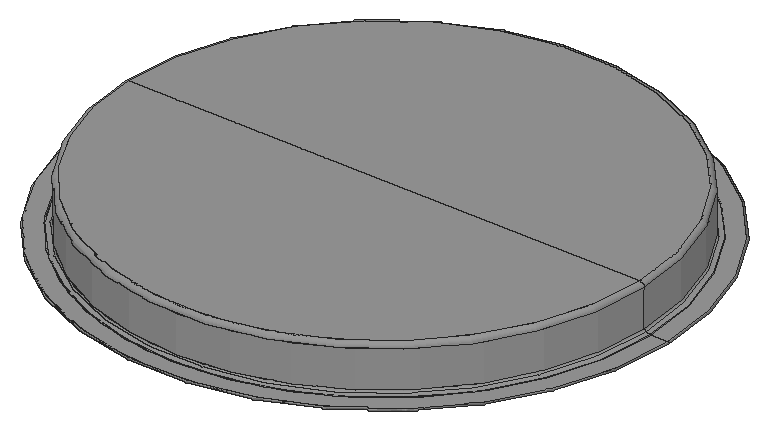
Revit family "MIA13_63_UN_Downlighter_ETK", category Lighting Fixtures, Revit 2017 (continued)
Definition of nested family "MIA.13 - Lightsource"
  Types (8, lengths in mm): name | Wattage | built-in parameter 1150134 | Photometric Web File | built-in parameter 1150142 | built-in parameter 1150105 | Lumens | built-in parameter 1150107 | built-in parameter 1150106
      9.6765 \r\n154.0902 148.9101 143.8315 138.9796 134.5183 130.0492 \r\n124.666 118.9624 113.2042 107.3834 101.5314 95.8903 90.9915 \r\n86.1005 80.9829 75.67 70.3414 64.966 59.575 54.1761 48.7694 \r\n43.3784 38.1358 33.4948 28.8538 24.1113 19.3062 14.6105 \r\n10.4461 6.6411 3.7425 2.8987 2.8362 2.7737 \r\n345.652 346.9724 346.7615 346.0974 344.9019 343.48 342.5268 \r\n342.2064 342.0111 341.9095 341.9408 341.972 340.9251 \r\n339.6828 338.0186 335.7997 333.2839 331.0337 329.3226 \r\n327.674 326.3927 325.502 324.5332 322.7283 320.6813 318.228 \r\n315.2434 312.0009 308.8601 305.9536 303.0471 300.6719 \r\n298.5389 296.3357 293.7495 290.9993 288.0381 284.7644 \r\n281.3267 277.6076 273.2479 268.8804 265.2082 261.7626 \r\n258.4733 255.4184 252.5041 249.1757 244.9879 240.6204 \r\n235.9637 230.8227 225.6895 221.1032 216.6966 212.5166 \r\n208.6726 205.0473 201.1642 196.3982 191.64 186.5146 \r\n181.1313 175.7481 170.6618 165.7083 160.8094 155.9809 \r\n151.1759 146.2614 140.972 135.6825 130.4321 125.1973 \r\n119.8844 114.2746 108.4772 102.7971 97.3826 92.0775 86.8896 \r\n82.0298 77.1779 71.8181 66.2317 60.661 55.2153 49.8789 \r\n44.5504 39.2531 33.9636 29.0882 24.6894 20.361 15.8684 \r\n11.2978 6.7193 2.133 0 0 0 \r\n345.652 344.9176 345.3629 345.9489 346.1286 345.8005 \r\n345.1988 344.23 342.5971 340.9876 339.6359 338.4874 \r\n337.4326 336.9873 336.7138 336.0966 335.0496 333.737 \r\n332.0416 329.5336 327.0255 324.2831 321.4626 318.9312 \r\n317.2748 316.0091 314.5011 312.626 310.5633 308.1256 \r\n304.977 301.8361 298.1014 294.1949 290.6399 287.7569 \r\n285.2567 282.7018 279.9984 277.2404 274.0761 270.3649 \r\n266.6536 262.6533 258.5749 254.4183 250.1602 245.8395 \r\n241.6986 238.1124 234.5261 230.8462 227.1115 223.244 \r\n218.6733 213.7667 208.7116 203.4143 198.0389 192.9057 \r\n188.4757 184.0534 179.8891 175.8497 171.5681 166.5208 \r\n160.9501 155.3168 149.5351 143.7612 138.3233 133.6354 \r\n128.9554 123.8612 118.5874 113.2042 107.6412 101.9533 \r\n96.3825 91.2649 86.1786 80.811 75.1543 69.4664 64.1066 \r\n58.9265 53.7229 48.4804 43.2299 38.0577 33.3229 28.5882 \r\n23.7284 18.7827 13.923 9.8133 6.2505 3.4846 2.5627 2.594 \r\n2.6252 \r\n345.652 346.4568 346.5193 346.488 346.1442 345.2848 \r\n344.1519 342.9018 341.4329 340.0188 339.1671 338.9874 \r\n338.7843 338.2374 337.5889 336.5732 335.034 333.2057 \r\n331.1977 328.7288 326.2521 324.0722 322.0408 320.1031 \r\n318.5327 317.1185 315.4778 313.462 311.2353 308.6647 \r\n305.2348 301.797 298.2811 294.7262 291.4681 288.9132 \r\n286.7958 284.4363 281.5845 278.5686 275.209 271.1852 \r\n267.1693 262.708 258.0827 253.7855 250.082 246.8005 \r\n243.4409 239.8312 236.2138 232.1041 227.5803 223.0096 \r\n218.5796 214.2199 209.6648 204.7582 199.6406 194.6558 \r\n190.2649 185.8661 181.6001 177.4045 173.0682 168.0444 \r\n162.5518 156.981 151.2384 145.4411 139.7765 134.5808 \r\n129.3851 124.4785 119.7359 114.8605 109.5945 103.9847 \r\n98.3202 92.4838 86.6005 81.1079 76.1544 71.2712 66.177 \r\n60.9657 55.7387 50.4727 45.1832 39.9641 35.3153 30.6743 \r\n25.838 20.8141 15.7903 11.4384 7.6022 3.7659 0 0 0 \r\n345.652 344.3941 343.5112 342.683 342.5346 342.9409 \r\n343.4409 343.6206 343.4018 343.0815 341.9017 340.4485 \r\n338.7765 336.6591 334.4324 332.8698 331.9322 331.0649 \r\n330.1195 329.0726 328.0334 326.0723 324.0409 321.6736 \r\n318.8999 315.9544 313.1104 310.3758 307.7506 305.5395 \r\n303.719 301.8283 299.1171 296.3044 293.2651 289.9914 \r\n286.5771 282.8893 278.7718 274.7402 271.3415 268.31 \r\n265.3098 262.4111 259.5437 256.1059 252.0353 247.6912 \r\n243.1206 238.1592 233.1979 229.1507 225.3223 221.4939 \r\n217.6108 213.7198 209.4773 204.766 199.9297 194.8824 \r\n189.5304 184.1785 179.4125 174.7637 170.0914 165.3879 \r\n160.661 155.7934 150.629 145.4723 140.4016 135.4246 \r\n130.3774 124.6113 118.6421 112.876 107.3756 102.0314 \r\n96.8904 92.2181 87.5459 82.233 76.6388 71.0134 65.4192 \r\n59.8484 54.3792 49.082 43.8941 38.9249 34.4558 29.9867 \r\n25.1113 20.0953 15.2746 10.9149 6.8521 3.8362 3.0393 2.6096 \r\n2.1799 \r\n345.652 343.1909 343.1362 343.4175 343.8941 344.4488 \r\n344.6363 344.2456 343.5503 342.5033 340.6047 338.6983 \r\n337.167 335.7762 334.6277 333.9792 333.6354 332.9557 \r\n331.5493 329.9555 327.9787 325.3379 322.7049 320.0719 \r\n317.4389 315.0559 313.1182 311.4775 309.7195 307.5553 \r\n305.391 302.8127 299.9062 296.9138 293.1948 289.1085 \r\n285.3504 282.1627 279.3187 276.4591 273.537 270.6227 \r\n267.3725 263.9269 260.2703 255.9575 251.1915 246.5896 \r\n242.3392 238.2452 234.3621 231.1118 227.8616 223.9237 \r\n219.6422 215.1106 210.1883 204.9301 199.7969 195.1168 \r\n190.5149 185.9833 181.5454 177.1232 172.3728 167.435 \r\n162.3486 156.981 151.379 145.8551 140.886 135.9169 130.7915 \r\n125.5332 120.2438 114.9777 109.7117 104.5316 99.5312 \r\n94.6246 89.6008 83.8034 77.9983 72.4353 67.0365 61.7939 \r\n56.981 52.5822 48.0506 42.9877 37.7451 32.5338 27.4162 \r\n22.3142 17.4936 12.8682 8.2897 3.7112 0 0 0 \r\n345.652 345.9255 345.8239 345.6676 345.1129 343.9878 \r\n342.5736 341.2767 340.2297 339.2531 338.7999 338.8624 \r\n338.8468 338.0498 337.0263 335.6903 333.948 331.9869 \r\n329.807 327.1506 324.4863 322.8143 321.5564 320.2985 \r\n318.8452 317.3139 315.3528 312.7588 309.8914 306.7271 \r\n302.9534 299.1796 296.281 293.6636 291.1946 288.9054 \r\n286.7255 284.1472 280.7485 277.1779 273.2479 268.7632 \r\n264.2785 260.4735 256.8873 253.4104 250.0977 246.8865 \r\n243.4565 239.2999 235.1356 230.8852 226.5646 222.1814 \r\n217.3607 212.3291 207.5162 203.094 198.9452 195.1715 \r\n192.7104 190.2571 187.8037 185.3426 180.6704 172.7869 \r\n163.2315 155.1449 149.9805 144.8238 139.8078 134.909 \r\n130.0102 125.1582 120.3219 115.1809 109.6258 103.8831 \r\n98.203 92.6791 87.1552 82.2408 77.592 72.8885 67.8491 \r\n62.6533 57.4029 52.0822 46.7458 41.4876 36.3935 31.2993 \r\n26.8068 22.533 18.3217 14.173 10.0555 6.7583 5.1801 3.8597 \r\n2.5393 \r\n345.652 345.8395 345.402 344.816 343.7925 342.5502 341.6048 \r\n341.1204 340.8782 340.6516 340.4641 340.2766 339.4718 \r\n338.3936 337.1045 335.3465 333.276 331.1821 329.057 326.963 \r\n325.2207 324.2597 323.2987 321.8689 320.2438 318.2983 \r\n315.7512 312.751 309.6414 306.1411 302.6174 299.8516 \r\n297.8592 295.9528 293.6323 291.1009 288.3038 285.0223 \r\n281.397 277.6467 273.287 268.9194 265.091 261.6298 258.278 \r\n255.059 251.9337 248.5897 244.7222 240.6047 236.4482 \r\n232.1197 227.7912 223.0956 218.1733 213.3135 208.8054 \r\n204.6332 200.4922 196.4997 192.5385 188.1788 183.1706 \r\n178.0764 172.6307 166.974 161.497 156.52 151.9962 147.449 \r\n142.6361 137.8155 132.7526 127.4396 122.0642 116.4857 \r\n110.7274 105.1488 100.0156 95.2184 90.4055 85.3739 80.3344 \r\n75.1856 69.9273 64.7004 59.8015 55.2465 50.6055 45.6129 \r\n40.4485 35.3856 30.6508 25.9552 21.6736 17.7123 13.8448 \r\n9.9773 6.1099 2.2424 0 \r\n345.652 342.644 342.5815 342.894 343.2456 343.6362 343.8862 \r\n343.6675 342.894 342.0267 340.4172 338.6436 336.9326 \r\n335.3543 333.8073 332.7291 332.0884 331.3696 330.2836 \r\n328.7991 327.3146 325.0332 322.7362 320.2125 317.4389 \r\n314.5715 312.0088 309.8133 307.6334 305.5551 303.5472 \r\n301.4689 298.9218 296.3122 293.1323 289.3976 285.4442 \r\n281.5532 277.7483 274.0527 271.1774 268.6929 265.9973 \r\n262.6455 259.1218 255.2699 251.0821 246.7302 242.1283 \r\n237.1513 232.1666 228.3772 224.7988 221.0954 217.1498 \r\n213.0948 208.7507 204.0003 199.2187 194.5074 189.8742 \r\n185.241 179.9906 174.6465 169.4976 164.63 159.9031 155.3168 \r\n150.9805 146.5818 141.6126 136.1825 130.7133 125.002 \r\n119.2124 113.6183 108.2506 103.0471 98.1249 93.7964 89.4601 \r\n84.3582 78.9905 73.6386 68.4428 63.3018 58.3796 53.762 \r\n49.2226 44.6285 39.9484 35.2606 30.6274 26.002 21.6111 \r\n17.6654 13.9855 10.579 7.7272 4.9457 2.1564 \r\n345.652 343.269 342.6518 342.2533 342.4096 342.9096 \r\n343.3081 343.3393 343.0268 342.5971 341.1517 339.6437 \r\n337.8936 335.8622 333.7683 332.5104 331.9244 331.2603 \r\n330.4086 329.4085 328.3069 326.0645 323.83 321.3298 \r\n318.6186 315.845 313.1573 310.5633 308.0944 306.1099 \r\n304.3597 302.4611 300.0781 297.6404 294.5308 290.8977 \r\n287.0927 283.1862 279.1702 275.2559 272.201 269.3492 \r\n266.4271 263.3956 260.3328 256.7076 252.5666 248.2616 \r\n243.6753 238.7843 233.9011 230.182 226.4943 222.7127 \r\n218.8296 214.884 210.618 205.9458 201.2657 196.5857 191.89 \r\n187.1396 181.9048 176.6154 171.5993 166.8568 162.1767 \r\n157.3326 152.2228 147.1443 142.2924 137.5342 132.5807 \r\n127.0177 121.2985 115.7981 110.5321 105.4223 100.5938 \r\n96.2106 91.8197 86.6318 81.2954 75.9825 70.7243 65.4973 \r\n60.6297 56.2466 51.8947 47.4334 42.8627 38.2921 33.737 \r\n29.1898 24.7519 20.4469 16.2044 11.9697 7.7272 3.4925 0 \r\n345.652 344.3628 344.5191 344.8629 344.7222 344.1206 \r\n343.269 342.0502 340.2844 338.628 337.7764 337.2842 336.831 \r\n336.4638 336.12 335.2606 333.862 332.2291 330.2992 327.9475 \r\n325.5957 323.1815 320.7594 318.6499 317.0716 315.7122 \r\n314.1574 312.3603 310.3992 307.8756 304.7113 301.5548 \r\n297.7811 293.9136 290.4446 287.4756 284.7644 282.1861 \r\n279.8422 277.4045 274.2089 270.4196 266.5443 262.122 \r\n257.5436 253.301 249.457 245.7926 242.1595 238.5733 \r\n234.9793 230.9165 226.7052 222.4549 218.1733 213.8761 \r\n209.2038 204.0003 198.7108 193.7417 189.3195 184.8973 \r\n180.3344 175.7325 171.0915 166.3958 161.6611 156.6294 \r\n150.9884 145.316 139.8469 134.6355 129.4164 124.8301 \r\n120.4391 115.759 110.6571 105.3051 99.9141 94.4293 88.9444 \r\n83.4987 78.0764 72.7791 68.2866 64.1769 59.8172 55.0668 \r\n50.1524 45.316 40.7297 36.1356 32.0025 28.0803 24.1816 \r\n20.2516 16.2903 12.4619 8.9226 5.4536 1.9923 \r\n345.652 346.3786 346.5661 346.7146 347.0193 347.3865 \r\n347.4412 346.9959 346.2614 345.2067 343.2299 341.2454 \r\n339.4718 337.7842 336.3388 335.5106 335.0809 334.3542 \r\n333.0026 331.4478 329.5336 326.8068 324.0878 321.072 \r\n317.9311 315.1652 313.1495 311.6806 310.0477 307.86 \r\n305.6333 302.8127 299.4218 295.945 292.2338 288.3975 \r\n284.7176 281.3423 278.1545 275.0059 272.0681 269.1304 \r\n265.5911 261.6611 257.6061 253.3948 249.0585 244.691 \r\n240.2453 235.784 231.4321 227.5334 223.6347 219.7125 \r\n215.7903 211.6337 206.8834 201.6017 196.3122 190.968 \r\n185.6161 180.7251 176.5529 172.4666 167.8256 162.8565 \r\n157.7389 152.4103 146.8865 141.3392 135.5887 129.8383 \r\n124.6738 120.1031 115.6575 110.8602 105.7739 100.7266 \r\n95.7653 90.8587 85.8739 80.186 74.4902 69.107 63.9581 \r\n58.9421 54.1917 49.7148 45.277 41.0188 36.8466 32.5807 \r\n28.0647 23.5175 19.3218 15.384 11.704 8.5632 6.0161 3.469 \r\n0.9219 \r\n345.652 348.9491 349.0663 348.7851 348.2381 347.1287 \r\n345.6754 344.3003 343.0815 341.9252 341.1595 341.0345 \r\n340.9173 340.1828 339.2374 337.9561 336.1513 333.987 \r\n331.7525 329.2601 326.7599 324.6972 322.9627 321.2673 \r\n319.5718 317.8686 315.9934 313.8292 311.454 308.8288 \r\n305.2035 301.5704 297.9452 294.6793 291.6478 288.7335 \r\n285.9598 283.3268 280.6 277.4904 274.2558 270.6696 266.3099 \r\n261.8564 257.4185 252.9963 248.7772 245.0895 241.972 \r\n238.7608 234.9246 230.9946 226.7521 222.0955 217.3373 \r\n212.1572 206.6099 201.2735 196.5622 192.4135 188.2569 \r\n183.7722 179.2874 174.4511 169.2867 164.0284 158.9577 \r\n154.098 149.121 143.6597 137.9014 132.2603 127.1037 \r\n122.0095 117.1967 112.626 108.0241 102.9768 97.3357 91.7181 \r\n86.2489 80.8344 75.4981 70.3414 65.2238 60.5047 56.1763 \r\n51.8634 47.3474 42.5893 37.8233 33.2526 28.7054 24.4316 \r\n20.5329 16.7904 13.1651 9.6961 6.227 2.7658 0 \r\n345.652 345.4411 345.9333 346.5193 346.8787 347.0506 \r\n347.0115 346.4411 345.2379 343.9566 342.1361 340.1672 \r\n338.4796 337.292 336.245 335.3387 334.5808 333.7058 \r\n332.4557 330.7837 329.1116 326.2442 323.3378 320.4625 \r\n317.6264 314.8215 312.4697 310.6805 308.8366 306.7974 \r\n304.5941 302.2736 298.9296 295.4684 291.6947 287.6084 \r\n283.5143 279.9828 277.3264 274.6308 271.6618 268.56 \r\n265.2629 261.3251 257.2076 252.7932 248.0663 243.3237 \r\n238.878 234.8855 230.893 227.0099 223.1346 219.0718 \r\n214.6418 210.0633 205.4457 200.7813 196.0466 191.0149 \r\n185.6317 180.2485 175.4356 170.7086 166.1067 161.6611 \r\n157.2779 152.5041 146.9959 141.4798 135.9091 130.2992 \r\n124.7051 119.3531 114.0636 109.0788 104.4847 99.9922 \r\n95.1793 89.6711 84.1628 78.6468 73.1229 67.7787 62.9815 \r\n58.4343 53.887 49.3398 44.7769 40.1438 35.3934 30.6352 \r\n26.3067 22.1111 18.0483 14.1808 10.4383 7.3053 5.4145 \r\n3.6565 1.8908 \r\n345.652 347.2615 347.7615 348.0897 347.699 346.9568 \r\n345.9411 344.4332 342.6674 341.1126 340.3703 339.6281 \r\n339.1827 338.8937 338.4952 337.4561 335.9716 334.2136 \r\n331.8306 329.221 326.6818 324.3691 322.0564 320.3532 \r\n318.9468 317.4467 315.5168 313.2432 310.8446 308.0397 \r\n305.1645 301.9064 298.1327 294.2964 291.1399 288.3819 \r\n285.6239 282.8033 279.9281 276.9982 273.6229 270.2477 \r\n266.2161 261.5986 256.8638 252.426 248.2225 244.2535 \r\n240.8782 237.8545 234.698 230.5571 226.4083 221.7595 \r\n216.7357 211.5634 206.2583 200.8126 195.6247 191.3821 \r\n187.499 183.405 178.8187 174.162 169.0913 163.7159 158.3405 \r\n153.1448 148.1522 143.1206 137.7529 132.3307 127.0724 \r\n122.0486 117.0873 112.2275 107.4615 102.5471 97.242 91.5462 \r\n85.8583 80.4594 75.0527 69.7789 64.6222 59.5437 54.7387 \r\n50.2539 45.7067 40.9173 35.9637 31.0259 26.1739 21.322 \r\n17.0873 13.4229 9.9617 6.4927 3.0315 0 0 \r\n345.652 346.7693 345.8473 344.6754 344.1831 344.0816 \r\n344.0503 344.1128 344.23 344.23 343.1987 342.1439 340.5344 \r\n338.4093 336.1669 334.1042 332.1822 330.4633 329.2367 \r\n328.3069 327.2834 325.5176 323.7597 321.6111 318.9155 \r\n316.0169 313.0401 309.9852 307.0084 304.3675 302.0783 \r\n299.7812 297.3748 294.9527 292.1009 288.7413 285.1395 \r\n281.4204 277.4904 273.5761 269.7789 266.0677 262.4189 \r\n259.028 255.7153 252.3557 248.9413 245.402 241.4095 236.581 \r\n231.7525 226.7208 221.6345 216.8841 212.9385 209.3445 \r\n205.391 200.9219 196.3044 191.5071 186.4364 181.3579 \r\n175.8262 170.193 164.841 159.9656 155.3559 150.6446 \r\n145.7379 140.8001 135.7059 130.4477 125.2051 120.2203 \r\n115.3059 110.1414 104.6097 98.8984 93.2807 87.8975 82.5143 \r\n77.5217 72.7088 67.8491 62.6768 57.356 52.1213 47.0271 \r\n41.9798 36.9169 31.8072 26.7052 22.2517 18.0405 14.0792 \r\n10.6336 7.5084 5.0707 4.0784 3.3596 2.6486 \r\n345.652 344.7222 344.7613 344.941 345.2535 345.6286 \r\n345.6676 345.191 344.4566 343.4487 341.7533 340.0578 \r\n338.2764 336.456 334.8934 333.948 333.401 332.6666 331.5728 \r\n330.3461 328.6741 326.1505 323.6268 320.611 317.4154 \r\n314.4699 312.0244 309.9227 307.8756 306.063 304.2503 \r\n301.7814 298.7343 295.5856 291.9525 288.085 284.3503 \r\n280.8344 277.467 274.1777 271.2399 268.3022 264.9738 \r\n261.411 257.7389 253.8636 249.8476 245.6129 240.8938 \r\n236.0106 231.3149 227.3303 223.3378 219.3062 215.259 \r\n211.1337 206.8365 202.383 197.742 192.4135 186.9365 \r\n181.5845 176.42 171.2712 166.8255 162.794 158.5514 153.762 \r\n148.5116 143.2221 137.6045 131.9712 126.5568 121.3376 \r\n116.1653 110.9071 105.5864 100.2578 94.9059 89.5304 84.1394 \r\n78.5999 73.0682 67.8256 62.8018 57.8248 52.6916 47.41 \r\n42.183 37.1201 32.1431 27.299 22.8299 18.4077 14.1417 \r\n10.0008 5.8833 1.7736 0 0 0 \r\n345.652 344.8238 345.2457 345.8317 346.0583 345.9098 \r\n345.527 344.7066 343.1987 341.6673 339.9719 338.1827 \r\n336.6513 336.0263 335.6512 334.9793 333.9792 332.7604 \r\n331.1274 328.8069 326.4864 323.7206 320.8688 318.2671 \r\n316.1888 314.3371 312.4541 310.5477 308.5788 306.3599 \r\n303.7894 301.2188 297.4373 293.4526 289.6242 286.0458 \r\n282.5924 279.3734 276.5841 273.787 270.8258 267.7319 \r\n264.5207 260.2625 255.6997 251.129 246.5427 242.0189 \r\n237.8701 234.5886 231.3149 227.4475 223.3456 219.064 \r\n214.2824 209.2742 204.3128 199.4218 194.5621 189.7414 \r\n185.0066 180.2719 175.5528 170.8415 165.9739 160.8173 \r\n155.4887 150.2617 145.2535 140.2453 135.0262 129.4867 \r\n123.9472 118.6343 113.3995 108.2272 103.1643 98.1639 \r\n92.9604 87.1162 81.272 75.545 69.9039 64.38 59.6062 55.1996 \r\n50.5508 45.4879 40.2141 34.9168 29.5336 24.1503 19.1109 \r\n14.2355 9.8523 6.8677 4.8363 3.3596 3.1252 3.2815 3.4378 \r\n345.652 345.8708 344.8082 343.8706 343.2768 342.8237 \r\n342.7455 343.1206 343.3393 342.9643 342.1283 341.1829 \r\n339.4406 337.5967 335.5653 333.3542 331.1821 329.6117 \r\n328.9319 328.1741 326.7755 325.0801 323.2284 320.9157 \r\n318.478 315.6418 312.3916 309.1413 306.3052 304.0863 \r\n301.8673 299.75 297.6561 295.1949 292.1009 288.7413 \r\n285.0535 280.936 276.8498 273.1542 269.9352 266.724 \r\n263.6065 260.5047 257.0982 253.2854 249.246 244.9019 \r\n239.9797 235.1043
       230.604 226.3927 222.2283 218.3452 \r\n214.5402 210.4461 206.0005 201.3829 196.7497 192.0853 \r\n187.4131 182.1705 176.7326 171.3806 166.3724 161.5126 \r\n156.8326 152.4103 147.9725 143.0659 137.2842 131.4946 \r\n125.6114 119.7047 113.8995 108.321 102.8674 97.617 92.7729 \r\n87.9366 82.8112 77.2717 71.7322 66.0911 60.411 54.9809 \r\n49.9492 45.152 40.2844 35.2059 30.1352 25.0801 20.0484 \r\n15.134 11.0477 7.3678 3.6878 0 0 0 0 \r\n345.652 347.0896 345.9958 344.5816 343.4253 342.6049 \r\n341.972 341.6517 341.8939 342.0658 341.6517 340.7532 \r\n339.7297 337.8467 335.7294 333.5495 331.2993 329.096 \r\n327.3224 326.4552 325.5879 324.1034 322.4002 320.4625 \r\n317.9076 315.0715 312.1025 308.9382 305.7895 302.9221 \r\n300.6016 298.2811 295.8591 293.4135 290.7962 287.8741 \r\n284.7801 281.2798 276.9357 272.5525 268.4975 264.8801 \r\n261.2626 257.8561 254.5121 251.0977 247.574 243.9566 \r\n240.0031 235.0496 230.1039 225.2129 220.361 215.634 \r\n211.7431 208.2428 204.3988 199.9687 195.234 190.3586 \r\n185.0379 179.7094 174.623 169.6304 164.6769 159.7859 \r\n154.9262 149.9961 144.9019 139.7453 134.448 128.8304 \r\n123.2206 117.7983 112.4619 107.0709 101.547 95.9137 90.3196 \r\n84.8348 79.3578 74.1777 69.2945 64.4503 59.1843 53.7073 \r\n48.2538 42.8393 37.4717 32.2291 27.6193 23.0096 18.3374 \r\n13.6183 9.1648 6.2505 4.4535 3.0862 2.7111 2.8049 2.8987 \r\n" | 157.56 (stored number, unit not read) | 1980 lm | 4000 (stored number, unit not read) | 1.5756 (stored number, unit not read)
